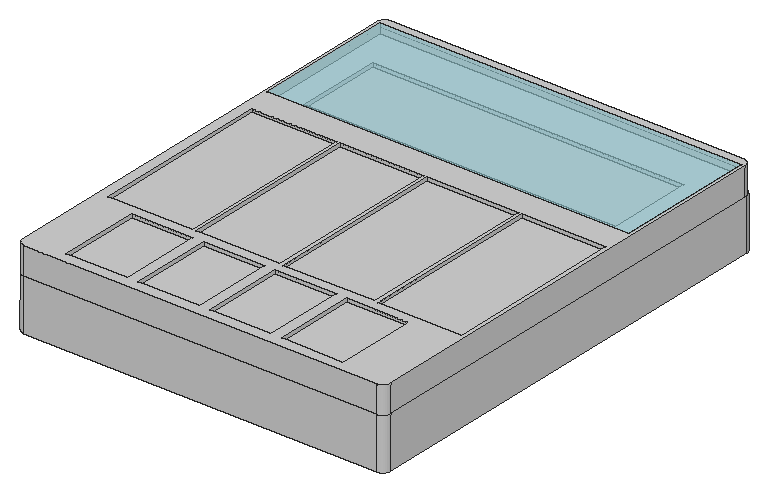
Revit family "Building-IEC309Boards-GEWISS-68QDIN-DISTRIBUTION-BOARD-20MOD_4SOCKET-OUTLETS_IB_VERT_4SOCKET-OUTLETS", category Apparecchi elettrici, host Superficie, Revit 2019
Family settings
  Host = Superficie
  Mantenere orientamento annotazione = Sì
  Quota connettore circolare = Usa diametro
  Tipo di parte = Normale
  Taglio con vuoti quando caricato = No
  Condiviso = No
  Punto di calcolo locali = Sì
Parameters (values of type "GW68015N - Q-DIN 20M 4S.O.BL.VR.SBF 4S.O.16A IP65")
  visibilita posizionamento 2d [instance] = yes
  simbolo 2d [instance] = yes
  oggetto in pianta [instance] = not(visibilita posizionamento 2d)  # no
  distanza_simbolo [instance] = 0.1 mm
  bordo acceso [instance] = yes
  Working temperature = "-25 ÷ +40 °C"
  Visibilità sportello [instance] = yes
  Version type = "Empty"
  Version file RFA = "21.5"
  VETRO = Vetro
  URL = "https://www.gewiss.com/ww/en"
  Thermo-pressure with ball = "70 °C"
  Technical sheet = "https://www.gewiss.com/ww/en/search?q=GW68015N"
  Spostamento_effettivo_S [instance] = 4000 mm - Spostamento_S  # 3000 mm
  Spostamento_S = 1000 mm
  Simbolo_quadro [instance] = not(simbolo 2d)  # no
  Shock resistance = "IK08"
  STRUTTURA ALTA = Poche
  STRUTTURA = RAL - 7035
  SEO = "Board"
  Realized by GEWISS S.p.A. = ""
  Default Elevation = 1219.2 mm
  Produttore = "GEWISS S.p.A."
  PRESA = rosso
  POMELLO = bianco
  Operating temperature: = "-25 +40 °C"
  No. of provided blank lids = "2 IB 16/32A + 4 IEC 16A"
  No. of modules EN 50022 = "20"
  No. of blank lids supplied = "2 IB 16/32A + 4 IEC 16A"
  No. IB socket-outlets houseable = "4IB 16/32A IP67 + 4 IEC MAX 3P+E 16A"
  N_Moduli = 20 mm
  Modello = "GW68015N"
  L_Moduli = N_Moduli * 19  # 380 mm
  Insulation class = "II"
  Installation type = "Surface-mounting"
  Immagine tipo = GW68015N.jpg
  IP degree = "IP65"
  IDT = "5bb38b2c-aa49-47b5-9d7c-4db2ea1b42ab"
  IDF = "7c51f678-f399-4c5a-96c9-a6b5e9979826"
  Houseable socket = "4IB 16/32A IP67 + 4 IEC MAX 3P+E 16A"
  Glow Wire Test = "650°C"
  Electrocod = "2242"
  EAN code = "8011564744844"
  Dispersible power B (W) = "92"
  Dispersible power A (W) = "30"
  Descrizione = "Q-DIN 20M 4S.O.BL.VR.SBF 4S.O.16A IP65"
  Colour = "Grey RAL 7035"
  Catalogue Range = "68 QDIN"
  Catalogue = "BUILDING"
  COBie.Tagnumber = ""
  COBie.CreatedOn = ""
  COBie.CreatebBy = ""
  COBie.ComponentRegisterItemID = ""
  COBie.Component.TagNumber = ""
  COBie.Component.Space = ""
  COBie.Component.SerialNumber = ""
  COBie.Component.InstallationDate = ""
  COBie.Component.Description = ""
  COBie.Component.BarCode = ""
  Accordance with Standards = "EN 60208 - EN 60670-1 - IEC 60670-24"
Reference planes
  plane 1 "Centro (Fronte/Retro)": y = 0
  plane 2: z = 0
  plane 3 "Centro (Sinistra/Destra)": x = 0
  plane 4: x = -3000
  plane 5: x = 0
Forms (mm)
  Extrusion 1, solid, detail levels coarse
    sketch origin (0, 0, 0) x (1, 0, 0) y (0, 1, 0)
      loop
        line (-225, 0) -> (225, 0) -> (225, 522) -> (-225, 522) -> (-225, 0)
    from 0 to 96
Lines and regions (mm)
  Masking region 1, visible <- "visibilita posizionamento 2d"
    outline origin (0, 0, 0) x (1, 0, 0) y (0, 0, 1)
      loop
        line (-160, 0) -> (160, 0) -> (160, 96) -> (-160, 96) -> (-160, 0)
Dimensions and locks
  plane 4 to plane 3 "Centro (Sinistra/Destra)" = 3000 mm
  "Spostamento_effettivo_S": plane 4 to plane 5
  aligned and locked: plane 2 to host face
  aligned and locked: level to host face
  aligned and locked: nested 1 to plane 5
  aligned and locked: nested 3 to plane 5
  aligned and locked: nested 2 to plane 5
  aligned and locked: nested 2 to Extrusion 1
Automatic sketch dimensions
  host sketch curve to host sketch curve = 2438.4 mm  (x2)
  Masking region 1 sketch curve to level = 0 mm
  Masking region 1 sketch curve to plane 3 "Centro (Sinistra/Destra)" = 160 mm
  plane 3 "Centro (Sinistra/Destra)" to Masking region 1 sketch curve = 160 mm
  Masking region 1 sketch curve to Masking region 1 sketch curve = 96 mm
  plane 1 "Centro (Fronte/Retro)" to Extrusion 1 sketch curve = 0 mm
  Extrusion 1 sketch curve to plane 3 "Centro (Sinistra/Destra)" = 225 mm
  plane 3 "Centro (Sinistra/Destra)" to Extrusion 1 sketch curve = 225 mm
  Extrusion 1 sketch curve to plane 1 "Centro (Fronte/Retro)" = 522 mm
Nested families
  nested 1: "CENTRALINO" at (0, 737.795, 0), BORDO ACCESO <- "bordo acceso", SIMBOLO ACCESO <- "simbolo 2d", Distanza dal muro <- "distanza_simbolo", visible <- "simbolo 2d", type "CENTRALINO"
    with SIMBOLO ACCESO yes, Distanza dal muro 0.1 mm, BORDO ACCESO yes
  nested 2: "68QDIN20 QUADRO DISTRIBUZ X 4+4 PRESE IND_BASE" at (0, 360, 0), Visibilita sportello <- "Visibilità sportello", type "68QDIN20 QUADRO DISTRIBUZ X 4+4 PRESE IND_BASE", detail levels medium+fine
  nested 3: "simb_CENTRALINO_BASE_cad pro" at (0, 737.795, 0), Distanza dal muro <- "distanza_simbolo", visible <- "Simbolo_quadro", SIMBOLO ACCESO <- "Simbolo_quadro", type "simb_CENTRALINO_BASE_cad pro"
    with SIMBOLO ACCESO no, Distanza dal muro 0.1 mm, BORDO ACCESO yes
Definition of nested family "68QDIN20 QUADRO DISTRIBUZ X 4+4 PRESE IND_BASE"
  Parameters (values of type "68QDIN20 QUADRO DISTRIBUZ X 4+4 PRESE IND_BASE")
    n_moduli = 105 mm
    h_moduli = 105 mm
    Visibilita sportello [instance] = yes
    Vetro = none
    Struttura = none
    Spessore = 96 mm
    Default Elevation = 14 mm
    Presa = none
    Larghezza = 450 mm
    IFC.TypeObject = ""
    IFC.ExportType = ""
    IFC.ExportAs = ""
    H_da terra = 589.057 mm
    COBie.CreatedOn = ""
    COBie.CreatebBy = ""
    COBie.ComponentRegisterItemID = ""
    COBie.Component.TagNumber = ""
    COBie.Component.Space = ""
    COBie.Component.SerialNumber = ""
    COBie.Component.InstallationDate = ""
    COBie.Component.Description = ""
    COBie.Component.BarCode = ""
    Altezza scatole = 350 mm
    Altezza quadro = 150 mm
    Altezza = 258 mm
  Reference planes
    plane 1 "Centro (Fronte/Retro)": y = 0
    plane 2: z = 0
    plane 3 "Centro (Sinistra/Destra)": x = 0
    plane 4: z = 69.589
    plane 5: z = 115.626
    plane 6: z = 63
    plane 7: x = -225
    plane 8: x = 225
    plane 9: x = -221
    plane 10: x = 221
    plane 11: y = 21.246
    plane 12: y = 0
    plane 13: y = -232.754
    plane 14: y = -12.754
    plane 15: y = -357
    plane 16: y = 203
    plane 17: z = 58
    plane 18: y = 144
    plane 19: y = 39
    plane 20: x = -52.5
    plane 21: x = 52.5
    plane 22: z = 92.059
    plane 23: z = 96
    plane 24 "posizionamento moduli": z = 84.734
    plane 25: z = 80.558
    plane 26: y = 91.5
    plane 27: x = 223.1
    plane 28: x = -109
    plane 29: y = -244.369
    plane 30: y = -344.119
    plane 31: x = -212
    plane 32: x = -105.4
    plane 33: x = -2.4
    plane 34: x = 1.2
    plane 35: x = 113.2
    plane 36: x = 116.8
    plane 37: x = 219.8
    plane 38: x = -174
    plane 39: x = -99
    plane 40: x = -86
    plane 41: x = -11
    plane 42: x = 76.2
    plane 43: x = 89.2
    plane 44: x = 164.2
    plane 45: y = 193.21
  Forms (mm)
    Extrusion 1, solid, material <- "Struttura"
      sketch origin (0, -857.311, 0) x (1, 0, 0) y (0, 1, 0)
        loop
          arc (-215, 1060.311) -> (-222.071, 1057.382) -> (-225, 1050.311) r 10
          line (-225, 1050.311) -> (-225, 510.311)
          arc (-225, 510.311) -> (-222.071, 503.24) -> (-215, 500.311) r 10
          line (-215, 500.311) -> (215, 500.311)
          arc (215, 500.311) -> (222.071, 503.24) -> (225, 510.311) r 10
          line (225, 510.311) -> (225, 1050.311)
          arc (225, 1050.311) -> (222.071, 1057.382) -> (215, 1060.311) r 10
          line (215, 1060.311) -> (-215, 1060.311)
      from 63 to 96
    Extrusion 2, solid, material <- "Struttura"
      sketch origin (0, -857.311, 0) x (1, 0, 0) y (0, 1, 0)
        loop
          line (217.45, 1060.311) -> (-221.38, 1060.311)
          arc (-221.38, 1060.311) -> (-223.94, 1059.251) -> (-225, 1056.691) r 3.62
          line (-225, 1056.691) -> (-225, 510.311)
          arc (-225, 510.311) -> (-222.071, 503.24) -> (-215, 500.311) r 10
          line (-215, 500.311) -> (215, 500.311)
          arc (215, 500.311) -> (222.071, 503.24) -> (225, 510.311) r 10
          line (225, 510.311) -> (225, 1052.76)
          arc (225, 1052.76) -> (222.789, 1058.099) -> (217.45, 1060.311) r 7.55
      from 0 to 63
    Extrusion 3, void
      sketch origin (0, -857.311, 0) x (1, 0, 0) y (0, 1, 0)
        loop
          line (-221, 1050.52) -> (-221, 878.557) -> (221, 878.557) -> (221, 1050.52) -> (-221, 1050.52)
      from 69.589 to 96
    Extrusion 4, solid, material <- "Vetro", visible <- "Visibilita sportello", detail levels fine
      sketch origin (0, -857.311, 0) x (1, 0, 0) y (0, 1, 0)
        loop
          line (-221, 1050.52) -> (-221, 878.557) -> (221, 878.557) -> (221, 1050.52) -> (-221, 1050.52)
      from 92.059 to 96
    Extrusion 5, void
      sketch origin (0, 0, 0) x (1, 0, 0) y (0, 1, 0)
        loop
          line (-52.5, 39) -> (52.5, 39) -> (52.5, 144) -> (-52.5, 144) -> (-52.5, 39)
      from 80.558 to 84.734
    Extrusion 6, solid
      sketch origin (0, 0, 0) x (1, 0, 0) y (0, 1, 0)
        loop
          line (-221, 193.21) -> (-221, 21.246) -> (221, 21.246) -> (221, 193.21) -> (-221, 193.21)
      from 80.558 to 84.734
    Extrusion 7, void
      sketch origin (0, 0, 84.734) x (0, -1, 0) y (1, 0, 0)
        loop
          line (12.754, -212) -> (232.754, -212) -> (232.754, -109) -> (12.754, -109) -> (12.754, -212)
        loop
          line (12.754, -105.4) -> (232.754, -105.4) -> (232.754, -2.4) -> (12.754, -2.4) -> (12.754, -105.4)
        loop
          line (12.754, 1.2) -> (232.754, 1.2) -> (232.754, 113.2) -> (12.754, 113.2) -> (12.754, 1.2)
        loop
          line (12.754, 116.8) -> (232.754, 116.8) -> (232.754, 219.8) -> (12.754, 219.8) -> (12.754, 116.8)
      from 7.325 to 11.266
    Extrusion 8, void
      sketch origin (0, -119.115, 84.734) x (0, -1, 0) y (1, 0, 0)
        loop
          line (125.254, -174) -> (225.004, -174) -> (225.004, -99) -> (125.254, -99) -> (125.254, -174)
        loop
          line (125.254, -86) -> (225.004, -86) -> (225.004, -11) -> (125.254, -11) -> (125.254, -86)
        loop
          line (125.254, 1.2) -> (225.004, 1.2) -> (225.004, 76.2) -> (125.254, 76.2) -> (125.254, 1.2)
        loop
          line (125.254, 89.2) -> (225.004, 89.2) -> (225.004, 164.2) -> (125.254, 164.2) -> (125.254, 89.2)
      from 7.325 to 11.266
  Cuts and joins
    Extrusion 3, Extrusion 7, Extrusion 8 cuts Extrusion 1
    Extrusion 5 cuts Extrusion 6
    Extrusion 5 cuts Extrusion 4
  Lines and regions (mm)
    model lines
      curve 1: line (-52.5, 91.5, 84.734) -> (52.5, 91.5, 84.734)
  Dimensions and locks
    plane 4 to plane 5 = 46.036 mm
    locked: plane 7 to plane 9 at 4
    locked: plane 10 to plane 8 at 4
    equal spacing: plane 7, plane 3 "Centro (Sinistra/Destra)", plane 8
    "Larghezza": plane 7 to plane 8
    plane 1 "Centro (Fronte/Retro)" to plane 16 = 203 mm
    plane 15 to plane 12 = 357 mm
    locked: plane 6 to plane 17 at 5
    locked: plane 16 to plane 18 at 59
    "h_moduli": plane 18 to plane 19
    equal spacing: plane 20, plane 3 "Centro (Sinistra/Destra)", plane 21
    "n_moduli": plane 20 to plane 21
    locked: plane 23 to plane 22 at 3.941
    plane 6 to plane 2 = 63 mm
    locked: plane 22 to plane 24 "posizionamento moduli" at 7.325
    locked: plane 24 "posizionamento moduli" to plane 25 at 4.176
    equal spacing: plane 18, plane 26, plane 19
    locked: plane 27 to plane 8 at 1.9
    plane 14 to plane 13 = 220 mm
    plane 13 to plane 29 = 11.615 mm
    plane 15 to plane 16 = 560 mm
    cut or joined group of Extrusion 5, Extrusion 6 to plane 14 = 34 mm
    plane 7 to plane 31 = 13 mm
    plane 31 to plane 28 = 103 mm
    locked: plane 28 to plane 32 at 3.6
    plane 32 to plane 33 = 103 mm
    locked: plane 33 to plane 34 at 3.6
    plane 7 to plane 38 = 51 mm
    plane 38 to plane 39 = 75 mm
    locked: plane 39 to plane 40 at 13
    radius of Extrusion 2 sketch curve = 10 mm  (x2)
    radius of Extrusion 2 sketch curve = 3.62 mm
    radius of Extrusion 2 sketch curve = 7.55 mm
    radius of Extrusion 1 sketch curve = 10 mm  (x4)
    aligned and locked: level to plane 2
    aligned and locked: Extrusion 2 sketch curve to plane 7
    aligned and locked: plane 8 to Extrusion 2 sketch curve
    aligned and locked: plane 8 to Extrusion 1 sketch curve
    aligned and locked: Extrusion 1 sketch curve to plane 7
    aligned and locked: Extrusion 4 sketch curve to plane 9
    aligned and locked: Extrusion 4 sketch curve to plane 10
    aligned and locked: Extrusion 3 sketch curve to plane 9
    aligned and locked: Extrusion 3 sketch curve to plane 10
    aligned and locked: Extrusion 4 sketch curve to plane 11
    aligned and locked: Extrusion 3 sketch curve to plane 11
    aligned and locked: plane 15 to Extrusion 2 sketch curve
    aligned and locked: plane 1 "Centro (Fronte/Retro)" to plane 12
    aligned and locked: plane 16 to Extrusion 1 sketch curve
    aligned and locked: Extrusion 5 sketch curve to plane 20
    aligned and locked: Extrusion 5 sketch curve to plane 18
    aligned and locked: Extrusion 5 sketch curve to plane 19
    aligned and locked: Extrusion 5 sketch curve to plane 21
    aligned and locked: plane 24 "posizionamento moduli" to Extrusion 5
    aligned and locked: Extrusion 5 to plane 25
    aligned and locked: Extrusion 6 sketch curve to plane 11
    aligned and locked: plane 26 to curve 1
    aligned and locked: plane 15 to Extrusion 1 sketch curve
    aligned and locked: Extrusion 2 sketch curve to plane 16
    aligned and locked: Extrusion 7 sketch curve to plane 14  (x3)
    aligned and locked: Extrusion 7 sketch curve to plane 28
    aligned and locked: Extrusion 1 to Extrusion 7
    aligned and locked: Extrusion 7 to plane 22
    aligned and locked: Extrusion 7 sketch curve to plane 13  (x4)
    aligned and locked: plane 31 to Extrusion 7
    aligned and locked: Extrusion 7 sketch curve to plane 32
    aligned and locked: Extrusion 7 sketch curve to plane 33
    aligned and locked: Extrusion 7 sketch curve to plane 34
    aligned and locked: Extrusion 7 sketch curve to plane 35
    aligned and locked: Extrusion 7 sketch curve to plane 36
    aligned and locked: Extrusion 7 sketch curve to plane 37
    aligned and locked: plane 38 to Extrusion 8 sketch curve
    aligned and locked: Extrusion 8 sketch curve to plane 39
    aligned and locked: plane 30 to Extrusion 8 sketch curve  (x2)
    aligned and locked: Extrusion 8 sketch curve to plane 40
    aligned and locked: Extrusion 8 sketch curve to plane 41
    aligned and locked: Extrusion 8 sketch curve to plane 34
    aligned and locked: Extrusion 8 sketch curve to plane 29  (x2)
    aligned and locked: Extrusion 8 sketch curve to plane 42
    aligned and locked: Extrusion 8 sketch curve to plane 30  (x2)
    aligned and locked: Extrusion 8 sketch curve to plane 43
    aligned and locked: Extrusion 8 sketch curve to plane 44
    aligned and locked: plane 45 to cut or joined group of Extrusion 4, Extrusion 5  (x2)
    aligned and locked: plane 45 to cut or joined group of Extrusion 1, Extrusion 3, Extrusion 7, Extrusion 8
    aligned and locked: plane 45 to cut or joined group of Extrusion 5, Extrusion 6
  Automatic sketch dimensions
    curve 1 to plane 20 = 0 mm
    curve 1 to plane 21 = 0 mm
    plane 14 to Extrusion 7 sketch curve = 0 mm
    Extrusion 8 sketch curve to plane 29 = 0 mm  (x2)
    Extrusion 7 sketch curve to plane 9 = 9 mm
    Extrusion 6 sketch curve to plane 9 = 0 mm
    Extrusion 6 sketch curve to plane 10 = 0 mm
    Extrusion 3 sketch curve to plane 45 = 0 mm
    Extrusion 4 sketch curve to plane 45 = 0 mm
    Extrusion 6 sketch curve to plane 45 = 0 mm
Definition of nested family "CENTRALINO"
  Parameters (values of type "CENTRALINO")
    SIMBOLO ACCESO [instance] = yes
    Distanza dal muro [instance] = 0 mm
    BORDO ACCESO [instance] = yes
  Reference planes
    plane 1: y = 0
    plane 2: x = 0
  Dimensions and locks
    "Distanza dal muro": plane 1 to nested 1
    aligned and locked: plane 2 to nested 1
  Nested families
    nested 1: "CENTRALINO_BASE" at (0, 0, 0), BORDO ACCESO <- "BORDO ACCESO", visible <- "SIMBOLO ACCESO", type "CENTRALINO"
      with BORDO ACCESO yes
  Definition of nested family "CENTRALINO_BASE"
    Parameters (values of type "CENTRALINO")
      Distanza dal muro = 0 mm
      BORDO ACCESO [instance] = yes
    Reference planes
      plane 1: y = 0
      plane 2: x = 0
    Lines and regions (mm)
      detail lines, visible <- "BORDO ACCESO", not visible
        curve 1: line (-2.443, 10.208, 0) -> (2.057, 10.208, 0)
        curve 2: line (2.057, 10.208, 0) -> (2.057, 4.208, 0)
        curve 3: line (2.057, 4.208, 0) -> (-2.443, 4.208, 0)
        curve 4: line (-2.443, 4.208, 0) -> (-2.443, 10.208, 0)
        curve 5: line (-2.043, 9.808, 0) -> (1.657, 9.808, 0)
        curve 6: line (1.657, 9.808, 0) -> (1.657, 4.608, 0)
        curve 7: line (1.657, 4.608, 0) -> (-2.043, 4.608, 0)
        curve 8: line (-2.043, 4.608, 0) -> (-2.043, 9.808, 0)
      detail lines
        curve 9: line (0, 0.671, 0) -> (0, 0, 0)
        curve 10: line (0.659, 0.671, 0) -> (0.659, 1.33, 0)
        curve 11: line (0.659, 1.33, 0) -> (-0.659, 1.33, 0)
        curve 12: line (-0.659, 1.33, 0) -> (-0.659, 0.671, 0)
        curve 13: line (-0.659, 0.671, 0) -> (0.659, 0.671, 0)
        curve 14: line (0.497, 1.33, 0) -> (0.497, 2, 0)
        curve 15: line (0.167, 1.33, 0) -> (0.167, 2, 0)
        curve 16: line (-0.162, 1.33, 0) -> (-0.162, 2, 0)
        curve 17: line (-0.491, 1.33, 0) -> (-0.491, 2, 0)
Definition of nested family "simb_CENTRALINO_BASE_cad pro"
  Parameters (values of type "simb_CENTRALINO_BASE_cad pro")
    SIMBOLO ACCESO [instance] = yes
    Distanza dal muro [instance] = 0 mm
    BORDO ACCESO [instance] = yes
  Reference planes
    plane 1: y = 0
    plane 2: x = 0
  Dimensions and locks
    "Distanza dal muro": plane 1 to nested 1
    aligned and locked: plane 2 to nested 1
  Nested families
    nested 1: "CENTRALINO_BASE_cad pro" at (0, 0, 0), type "CENTRALINO"
  Definition of nested family "CENTRALINO_BASE_cad pro"
    Parameters (values of type "CENTRALINO")
      Distanza dal muro = 0 mm
    Reference planes
      plane 1: y = 0
      plane 2: x = 0
    Lines and regions (mm)
      detail lines
        curve 1: line (1.33, 1.33, 0) -> (2.109, 1.33, 0)
        curve 2: line (2.109, 1.33, 0) -> (2.109, 0, 0)
        curve 3: line (2.109, 0, 0) -> (1.33, 0, 0)
        curve 4: line (1.33, 0, 0) -> (-1.33, 1.33, 0)
        curve 5: line (-1.33, 1.33, 0) -> (1.33, 1.33, 0)
        curve 6: line (1.33, 1.33, 0) -> (1.33, 0, 0)
        curve 7: line (1.33, 0, 0) -> (-1.33, 0, 0)
        curve 8: line (-1.33, 0, 0) -> (-1.33, 1.33, 0)
        curve 9: line (1.461, 0.665, 0) -> (1.977, 0.665, 0)
        curve 10: line (1.719, 0.665, 0) -> (1.719, 1.01, 0)
        curve 11: arc (1.977, 0.406, 0) -> (1.719, 0.665, 0) -> (1.461, 0.406, 0) r 0.258
